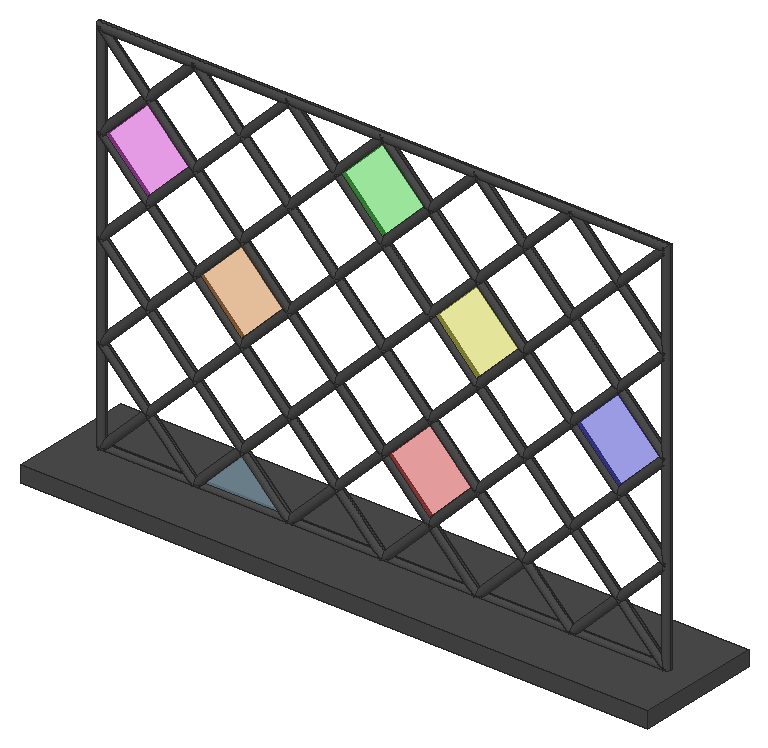
Revit family
Reference planes (in)
  plane 1 "Center Front/Back": y = 0
  plane 2: z = 0
  plane 3 "Center Left/Right": x = 0
Forms (in)
  Extrusion 1, solid, material "Iron"
    sketch origin (0, 0, 0) x (1, 0, 0) y (0, 1, 0)
      loop
        line (10, 2) -> (-10, 2) -> (-10, -2) -> (10, -2) -> (10, 2)
    from 0 to 0.5
  Sweep 2, solid, material "Iron"
    path origin (0, 0, 0) x (1, 0, 0) y (0, 0, 1)
      loop
        line (-9, 0.5) -> (3, 12.5)
    profile "Family3 : Family3" origin (-3, 0, 6.5) x (-0.707107, 0, 0.707107) y (0, -1, 0)
      loop
        circle (0, 0) r 0.125
  Sweep 3, solid, material "Iron"
    path origin (3, 0, 0) x (1, 0, 0) y (0, 0, 1)
      loop
        line (-9, 0.5) -> (3, 12.5)
    profile "Family3 : Family3" origin (0, 0, 6.5) x (-0.707107, 0, 0.707107) y (0, -1, 0)
      loop
        circle (0, 0) r 0.125
  Sweep 4, solid, material "Iron"
    path origin (6, 0, 0) x (1, 0, 0) y (0, 0, 1)
      loop
        line (-9, 0.5) -> (3, 12.5)
    profile "Family3 : Family3" origin (3, 0, 6.5) x (-0.707107, 0, 0.707107) y (0, -1, 0)
      loop
        circle (0, 0) r 0.125
  Sweep 5, solid, material "Iron"
    path origin (9, 0, 0) x (1, 0, 0) y (0, 0, 1)
      loop
        line (-9, 0.5) -> (0, 9.5)
    profile "Family3 : Family3" origin (4.5, 0, 5) x (-0.707107, 0, 0.707107) y (0, -1, 0)
      loop
        circle (0, 0) r 0.125
  Sweep 6, solid, material "Iron"
    path origin (12, 0, 0) x (1, 0, 0) y (0, 0, 1)
      loop
        line (-9, 0.5) -> (-3, 6.5)
    profile "Family3 : Family3" origin (6, 0, 3.5) x (-0.707107, 0, 0.707107) y (0, -1, 0)
      loop
        circle (0, 0) r 0.125
  Sweep 7, solid, material "Iron"
    path origin (15, 0, 0) x (1, 0, 0) y (0, 0, 1)
      loop
        line (-9, 0.5) -> (-6, 3.5)
    profile "Family3 : Family3" origin (7.5, 0, 2) x (-0.707107, 0, 0.707107) y (0, -1, 0)
      loop
        circle (0, 0) r 0.125
  Sweep 8, solid, material "Iron"
    path origin (-3, 0, 0) x (1, 0, 0) y (0, 0, 1)
      loop
        line (-6, 3.5) -> (3, 12.5)
    profile "Family3 : Family3" origin (-4.5, 0, 8) x (-0.707107, 0, 0.707107) y (0, -1, 0)
      loop
        circle (0, 0) r 0.125
  Sweep 9, solid, material "Iron"
    path origin (-6, 0, 0) x (1, 0, 0) y (0, 0, 1)
      loop
        line (-3, 6.5) -> (3, 12.5)
    profile "Family3 : Family3" origin (-6, 0, 9.5) x (-0.707107, 0, 0.707107) y (0, -1, 0)
      loop
        circle (0, 0) r 0.125
  Sweep 10, solid, material "Iron"
    path origin (-9, 0, 0) x (1, 0, 0) y (0, 0, 1)
      loop
        line (0, 9.5) -> (3, 12.5)
    profile "Family3 : Family3" origin (-7.5, 0, 11) x (-0.707107, 0, 0.707107) y (0, -1, 0)
      loop
        circle (0, 0) r 0.125
  Sweep 11, solid, material "Iron"
    path origin (0, 0, 0) x (-1, 0, 0) y (0, 0, 1)
      loop
        line (-9, 0.5) -> (3, 12.5)
    profile "Family3 : Family3" origin (3, 0, 6.5) x (-0.707107, 0, -0.707107) y (0, -1, 0)
      loop
        circle (0, 0) r 0.125
  Sweep 12, solid, material "Iron"
    path origin (-3, 0, 0) x (-1, 0, 0) y (0, 0, 1)
      loop
        line (-9, 0.5) -> (3, 12.5)
    profile "Family3 : Family3" origin (0, 0, 6.5) x (-0.707107, 0, -0.707107) y (0, -1, 0)
      loop
        circle (0, 0) r 0.125
  Sweep 13, solid, material "Iron"
    path origin (-6, 0, 0) x (-1, 0, 0) y (0, 0, 1)
      loop
        line (-9, 0.5) -> (3, 12.5)
    profile "Family3 : Family3" origin (-3, 0, 6.5) x (-0.707107, 0, -0.707107) y (0, -1, 0)
      loop
        circle (0, 0) r 0.125
  Sweep 14, solid, material "Iron"
    path origin (-9, 0, 0) x (-1, 0, 0) y (0, 0, 1)
      loop
        line (-9, 0.5) -> (0, 9.5)
    profile "Family3 : Family3" origin (-4.5, 0, 5) x (-0.707107, 0, -0.707107) y (0, -1, 0)
      loop
        circle (0, 0) r 0.125
  Sweep 15, solid, material "Iron"
    path origin (-12, 0, 0) x (-1, 0, 0) y (0, 0, 1)
      loop
        line (-9, 0.5) -> (-3, 6.5)
    profile "Family3 : Family3" origin (-6, 0, 3.5) x (-0.707107, 0, -0.707107) y (0, -1, 0)
      loop
        circle (0, 0) r 0.125
  Sweep 16, solid, material "Iron"
    path origin (-15, 0, 0) x (-1, 0, 0) y (0, 0, 1)
      loop
        line (-9, 0.5) -> (-6, 3.5)
    profile "Family3 : Family3" origin (-7.5, 0, 2) x (-0.707107, 0, -0.707107) y (0, -1, 0)
      loop
        circle (0, 0) r 0.125
  Sweep 17, solid, material "Iron"
    path origin (3, 0, 0) x (-1, 0, 0) y (0, 0, 1)
      loop
        line (-6, 3.5) -> (3, 12.5)
    profile "Family3 : Family3" origin (4.5, 0, 8) x (-0.707107, 0, -0.707107) y (0, -1, 0)
      loop
        circle (0, 0) r 0.125
  Sweep 18, solid, material "Iron"
    path origin (6, 0, 0) x (-1, 0, 0) y (0, 0, 1)
      loop
        line (-3, 6.5) -> (3, 12.5)
    profile "Family3 : Family3" origin (6, 0, 9.5) x (-0.707107, 0, -0.707107) y (0, -1, 0)
      loop
        circle (0, 0) r 0.125
  Sweep 19, solid, material "Iron"
    path origin (9, 0, 0) x (-1, 0, 0) y (0, 0, 1)
      loop
        line (0, 9.5) -> (3, 12.5)
    profile "Family3 : Family3" origin (7.5, 0, 11) x (-0.707107, 0, -0.707107) y (0, -1, 0)
      loop
        circle (0, 0) r 0.125
  Sweep 20, solid, material "Iron"
    path origin (0, 0, 0) x (1, 0, 0) y (0, 0, 1)
      loop
        line (-9, 12.5) -> (-9, 0.5) -> (9, 0.5) -> (9, 12.5) -> (-9, 12.5)
    profile "Family3 : Family3" origin (0, 0, 12.5) x (0, 0, 1) y (0, -1, 0)
      loop
        circle (0, 0) r 0.125
  Extrusion 21, solid, material "Glass Orange"
    sketch origin (-10, -2, 0) x (1, 0, 0) y (0, 0, 1)
      loop
        line (5.5, 7.82322) -> (4.17678, 6.5) -> (5.5, 5.17678) -> (6.82322, 6.5) -> (5.5, 7.82322)
    from -1.95257 to -2.05286
  Extrusion 22, solid, material "Glass Yellow"
    sketch origin (-2.5, -2, 1.5) x (1, 0, 0) y (0, 0, 1)
      loop
        line (5.5, 7.82322) -> (4.17678, 6.5) -> (5.5, 5.17678) -> (6.82322, 6.5) -> (5.5, 7.82322)
    from -1.95312 to -2.05469
  Extrusion 23, solid, material "Glass Red"
    sketch origin (-4, -2, -3) x (1, 0, 0) y (0, 0, 1)
      loop
        line (5.5, 7.82322) -> (4.17678, 6.5) -> (5.5, 5.17678) -> (6.82322, 6.5) -> (5.5, 7.82322)
    from -1.95312 to -2.05469
  Extrusion 24, solid, material "Glass Blue"
    sketch origin (2.00051, -2, -0.00047) x (1, 0, 0) y (0, 0, 1)
      loop
        line (5.5, 7.82322) -> (4.17678, 6.5) -> (5.5, 5.17678) -> (6.82322, 6.5) -> (5.5, 7.82322)
    from -1.95312 to -2.05469
  Extrusion 25, solid, material "Glass Pink"
    sketch origin (-13, -2, 3) x (1, 0, 0) y (0, 0, 1)
      loop
        line (5.5, 7.82322) -> (4.17678, 6.5) -> (5.5, 5.17678) -> (6.82322, 6.5) -> (5.5, 7.82322)
    from -1.95312 to -2.05469
  Extrusion 26, solid, material "Glass Green"
    sketch origin (-5.5, -2, 4.5) x (1, 0, 0) y (0, 0, 1)
      loop
        line (5.5, 7.82322) -> (4.17678, 6.5) -> (5.5, 5.17678) -> (6.82322, 6.5) -> (5.5, 7.82322)
    from -1.95312 to -2.05469
  Extrusion 27, solid, material "Glass Light Blue"
    sketch origin (-10, -2, 0) x (1, 0, 0) y (0, 0, 1)
      loop
        line (4.3018, 0.625) -> (6.69823, 0.625) -> (5.50001, 1.82322) -> (4.3018, 0.625)
    from -1.95312 to -2.05469
Dimensions and locks (in)
  level to Sweep 8 sketch curve = 0' - 3 1/2"
  level to Sweep 9 sketch curve = 0' - 6 1/2"
  level to Sweep 10 sketch curve = 0' - 9 1/2"
  aligned and locked: level to plane 2
